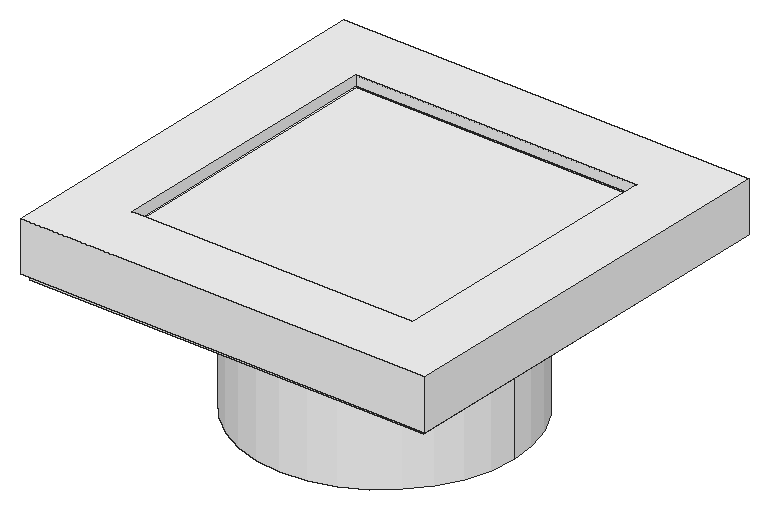
Revit family "Gira_039203", category Electrical Fixtures, host Face, Revit 2017
Family settings
  Host = Face
  Maintain Annotation Orientation = Yes
  Round Connector Dimension = Use Diameter
  Part Type = Normal
  Cut with Voids When Loaded = No
  Shared = No
  Room Calculation Point = No
Parameters (values of type "RTC 230 V  NC con. 1-way + ctrl.l. System 55 p.white")
  With tap water circuit = "No"
  With sound indicator = "No"
  With receiver = "No"
  White [instance] = White
  URL = "http://katalog.gira.de/en/datenblatt.html?artikelnr=039203"
  Thermal feedback = "None"
  Temperature readable = "No"
  Sensor/feeler type = "Other"
  RAL-number = "9010"
  Name = "RTC 230 V  NC con. 1-way + ctrl.l. System 55 p.white"
  Model = "On/Off"
  Measuring range minimum value = "5"
  Measuring range maximum value = "30"
  Manufacturer URL = "https://www.gira.de/"
  Manufacturer = "Gira"
  HeinzeBIM = "https://bimportal.heinze.de/bim/rtc-230-v-nc-con-1-way-ctrl-l-system-55-p-white/5d02ee7add1955b43a6ff01110a7061500484fa8"
  Heating = "Yes"
  HAN = "039203"
  GTIN = "4010337392033"
  External sensor = "No"
  Explosion-proof = "No"
  Description = "RTC 230V NC con.1-w ctrl.l. Sys55 PW,Room temperature controller 230 10 (4) A~  with NC contact, 1-way switch and control light,System 55,pure white glossy,Notes :,- For screw mounting only.,- Flat design."
  Default Elevation = 1219.2 mm
  Data sheet (1) = "https://katalog.gira.de/en/download.html?artikelnr=039203"
  Cooling = "No"
  Control characteristic = "Other"
  Contact type = "Breaker contact"
  Connection = "Two-wire"
  Category = "Room thermostat"
  BIM (1) = "https://media.stage.bim.site/public/gira/36a6b08/Sys55_Komplettgerät_Schalten und Tasten.rfa?public/gira/36a6b08/Sys55_Komplettgerät_Schalten und Tasten.rfa"
  Available = "No"
  Adjustable differential = "No"
Reference planes
  plane 1 "Center (Front/Back)": y = 0
  plane 2: z = 0
  plane 3 "Center (Left/Right)": x = 0
Forms (mm)
  Extrusion 1, solid, material "White" <- "White", detail levels medium
    sketch origin (0, 0, 0) x (1, 0, 0) y (0, 1, 0)
      loop
        line (-40.4, 40.4) -> (-40.4, -40.4) -> (40.4, -40.4) -> (40.4, 40.4) -> (-40.4, 40.4)
      loop
        line (-28, 28) -> (-28, -28) -> (28, -28) -> (28, 28) -> (-28, 28)
    from 0 to 10
  Extrusion 2, solid, material "White" <- "White", detail levels fine
    sketch origin (0, 0, 0) x (1, 0, 0) y (0, 1, 0)
      loop
        line (-40.4, 40.4) -> (-40.4, -40.4) -> (40.4, -40.4) -> (40.4, 40.4) -> (-40.4, 40.4)
      loop
        line (-28, 28) -> (-28, -28) -> (28, -28) -> (28, 28) -> (-28, 28)
    from 0 to 10
  Extrusion 3, void
    sketch origin (0, 0, 0) x (1, 0, 0) y (0, 1, 0)
      loop
        line (-38.4, 38.4) -> (-38.4, -38.4) -> (38.4, -38.4) -> (38.4, 38.4) -> (-38.4, 38.4)
    from 0 to 8
  Extrusion 4, solid, material "White" <- "White", detail levels medium+fine
    sketch origin (0, 0, 0) x (1, 0, 0) y (0, 1, 0)
      loop
        line (-39.4, 39.4) -> (-39.4, -39.4) -> (39.4, -39.4) -> (39.4, 39.4) -> (-39.4, 39.4)
    from 0 to -1
  Extrusion 5, solid, material "White" <- "White", detail levels medium+fine
    sketch origin (0, 0, 0) x (1, 0, 0) y (0, 1, 0)
      loop
        line (-35.5, 35.5) -> (-35.5, -35.5) -> (35.5, -35.5) -> (35.5, 35.5) -> (-35.5, 35.5)
    from -2 to -3
  Extrusion 6, solid, material "White" <- "White", detail levels medium+fine
    sketch origin (0, 0, 0) x (1, 0, 0) y (0, 1, 0)
      loop
        circle (0, 0) r 26
    from 0 to -27.5
  Extrusion 7, solid, material "White" <- "White", detail levels coarse
    sketch origin (0, 0, 0) x (1, 0, 0) y (0, 1, 0)
      loop
        line (-40.4, 40.4) -> (-40.4, -40.4) -> (40.4, -40.4) -> (40.4, 40.4) -> (-40.4, 40.4)
    from -27.5 to 10
Cuts and joins
  Extrusion 3 cuts Extrusion 2
Dimensions and locks
  aligned and locked: plane 2 to host face
  aligned and locked: level to host face
  aligned and locked: plane 3 "Center (Left/Right)" to nested 2
  aligned and locked: plane 1 "Center (Front/Back)" to nested 2
Nested families
  nested 1: "Sys55_Abdeckung_Schalten und Tasten_floor_base" at (0, 0, 0), type "Sys55_Abdeckung_Schalten und Tasten_floor_base"
  nested 2: "Schalter" at (0, 0, 0), type "Schalter"
Connectors
  electrical at (0, 0, -27.5)
    settings: on Extrusion 6, index 1, voltage 220 V, apparent load 0 VA, apparent load phase1 0 VA, apparent load phase2 0 VA, apparent load phase3 0 VA, power factor 1, load classification "Other", number of poles 1, system type 30, power factor state 1, is connector primary yes, connector utility no, sub classification motor no, connector description ""
Definition of nested family "Sys55_Abdeckung_Schalten und Tasten_floor_base"
  Parameters
    Default Elevation = 1219.2 mm
    White [instance] = none
  Reference planes
    plane 1 "Center (Front/Back)": y = 0
    plane 2: z = 0
    plane 3 "Center (Left/Right)": x = 0
  Forms (mm)
    Extrusion 1, solid
      sketch origin (0, 0, 0) x (1, 0, 0) y (0, 1, 0)
        loop
          line (-1219.2, 1219.2) -> (-1219.2, -1219.2) -> (1219.2, -1219.2) -> (1219.2, 1219.2) -> (-1219.2, 1219.2)
      from 0 to -304.8
    Extrusion 2, solid, material <- "White", detail levels fine
      sketch origin (0, 0, 0) x (1, 0, 0) y (0, 1, 0)
        loop
          line (-27.5, 27.5) -> (-27.5, -27.5) -> (27.5, -27.5) -> (27.5, 27.5) -> (-27.5, 27.5)
      from 0 to 8
    Extrusion 3, void
      sketch origin (0, 0, 0) x (1, 0, 0) y (0, 1, 0)
        loop
          line (26, 26) -> (-26, 26) -> (-26, -26) -> (26, -26) -> (26, 26)
      from 0 to 6
    Extrusion 4, solid, material <- "White", detail levels medium
      sketch origin (0, 0, 0) x (1, 0, 0) y (0, 1, 0)
        loop
          line (-27.5, 27.5) -> (-27.5, -27.5) -> (27.5, -27.5) -> (27.5, 27.5) -> (-27.5, 27.5)
      from 0 to 8
    Extrusion 5, solid, material <- "White", detail levels medium
      sketch origin (0, 0, 0) x (1, 0, 0) y (0, 1, 0)
        loop
          line (11, -17.5) -> (11, 17.5) -> (-11, 17.5) -> (-11, -17.5) -> (11, -17.5)
      from -6 to 6
    Extrusion 6, solid, material <- "White", detail levels fine
      sketch origin (0, 0, 0) x (1, 0, 0) y (0, 1, 0)
        loop
          line (11, 17.5) -> (-11, 17.5) -> (-11, 16.5) -> (11, 16.5) -> (11, 17.5)
        loop
          line (-11, -16.5) -> (-11, -17.5) -> (11, -17.5) -> (11, -16.5) -> (-11, -16.5)
      from -4 to 6
    Extrusion 7, solid, material <- "White", detail levels fine
      sketch origin (0, 0, 0) x (1, 0, 0) y (0, 1, 0)
        loop
          arc (5, 9.347) -> (0, 10.6) -> (-5, 9.347) r 10.6
          line (-5, 9.347) -> (-5, -9.347)
          arc (-5, -9.347) -> (0, -10.6) -> (5, -9.347) r 10.6
          line (5, -9.347) -> (5, 9.347)
      from -6 to 6
    Extrusion 8, solid, material <- "White", detail levels coarse
      sketch origin (0, 0, 0) x (1, 0, 0) y (0, 1, 0)
        loop
          line (-27.5, 27.5) -> (-27.5, -27.5) -> (27.5, -27.5) -> (27.5, 27.5) -> (-27.5, 27.5)
      from -6 to 8
  Cuts and joins
    Extrusion 3 cuts Extrusion 2
  Dimensions and locks
    aligned and locked: plane 2 to Extrusion 1
    aligned and locked: level to Extrusion 1
Definition of nested family "Schalter"
  Reference planes
    plane 1: y = 0
    plane 2: x = 0
  Lines and regions (mm)
    detail lines
      curve 1: circle (1.375, 2.778, 0) r 0.8 normal (0, 0, 1)
      curve 2: line (1.021, 2.061, 0) -> (0, 0, 0)
      curve 3: line (0, 0, 0) -> (-0.538, 0.266, 0)
  Dimensions and locks
    curve 2 to curve 2 = 2.3 mm
    curve 3 to curve 2 = 0.6 mm
    radius of curve 1 = 0.8 mm
